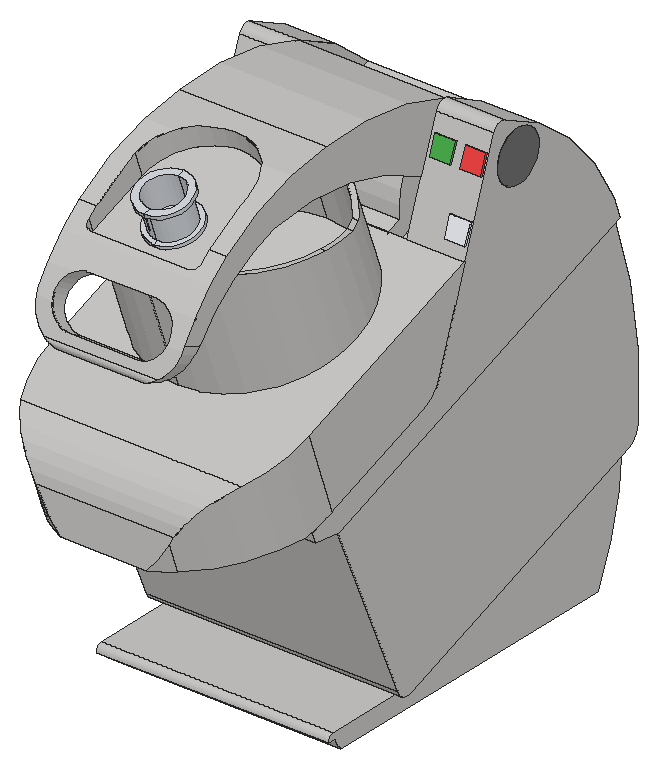
Revit family "QF_ELECTROLUXPROFESSIONAL_600472_TRSYVV", category Specialty Equipment, Revit 2018
Family settings
  Round Connector Dimension = Use Diameter
  Part Type = Normal
  Work Plane-Based = No
  Always vertical = Yes
  Cut with Voids When Loaded = No
  Shared = No
  Room Calculation Point = No
Parameters (values of type "QF_ELECTROLUX_600472_TRSYVV")
  Weight = 21.40 kg
  Watts = 0 W
  Volts = 220 V
  URL Manufacturer = "http://professional.electrolux.com"
  URL = "http://professional.electrolux.com"
  Steam Supply Size = 0 mm
  Steam Supply Minimum Pressure = 0.0 Pa
  Steam Supply Maximum Pressure = 0.0 Pa
  Steam Pounds per Hour = 0
  Refrigeration Suction Line Size = 0 mm
  Refrigeration Liquid Line Size = 0 mm
  Refrigerant Compressor Remote = yes
  Manufacturer = "Electrolux"
  Phase = 1
  Model = "TRSYVV"
  Length Actual = 252 mm  # constant formula
  Item Number = "600472"
  Hot Water Size = 0 mm
  Height Actual = 515 mm  # constant formula
  HP = "0.7 HP"
  Gas Size = 0 mm
  Gas KW = 0
  Gas Input Pressure = 0 W
  Direct Waste Size = 0 mm
  Description = "VEGETABLE SLICER-VARIAB.SPEED-500W-220-240/1/50-60"
  Depth Actual = 500 mm  # constant formula
  Cycle = 60 Hz
  Condensate Return Size = 0 mm
  Compressed Air Volume = 0.0 L/s
  Compressed Air Size = 0 mm
  Compressed Air Pressure = 0.0 Pa
  Cold Water Size = 0 mm
  Accessory = yes
Reference planes
  plane 1 "Center (Front/Back)": y = 0
  plane 2: z = 0
  plane 3 "Center (Left/Right)": x = 0
  plane 4 "BASE": through (-1506.947, -1354.442, -482.669) normal (0, -0.342, 0.9397)
  plane 5 "TOP": z = 780
  plane 6 "FRONT": y = -250
  plane 7 "BACK": y = 250
  plane 8 "LEFT": x = -126
  plane 9 "RIGHT": x = 126
  plane 10 "BaseSup": through (4267.2, -355.454, 143.983) normal (0, -0.342, 0.9397)
  plane 11 "TopCylinder": z = 502
  plane 12 "panel": through (4267.2, 37.396, 376.789) normal (0, -0.9397, 0.342)
  plane 13 "TAN1": through (4267.2, -242.8, 386.84) normal (0, -0.868, 0.4965)
  plane 14 "cx": x = -4.392
Forms (mm)
  Extrusion 1, solid, material "QF_Finishes_Stainless Steel"
    sketch origin (0, 71.755, 29.173) x (0, 0.939693, 0.34202) y (0, -0.34202, 0.939693)
      loop
        line (194.125, 30) -> (-100, 30) -> (-172.671, 56.45)
        arc (-172.671, 56.45) -> (-177.706, 56.23) -> (-181.11, 52.515) r 6.584
        line (-181.11, 52.515) -> (-172.825, 49.499)
        arc (-172.825, 49.499) -> (-173.282, 42.917) -> (-170.601, 36.887) r 13.662
        line (-170.601, 36.887) -> (125.402, -70.849)
        arc (125.402, -70.849) -> (140.415, -55.659) -> (154.125, -39.282) r 258.806
        arc (154.125, -39.282) -> (176.416, -5.964) -> (194.125, 30) r 303.676
    from -114.1 to 114.1
  Extrusion 2, solid, material "QF_Finishes_Stainless Steel"
    sketch origin (0, 71.755, 29.173) x (0, 0.939693, 0.34202) y (0, -0.34202, 0.939693)
      loop
        arc (-117.754, 231.836) -> (-115.421, 136.806) -> (-106.378, 42.177) r 1344.145
        arc (-106.378, 42.177) -> (-102.811, 33.567) -> (-94.2, 30) r 12.177
        line (-94.2, 30) -> (191.415, 30)
        arc (191.415, 30) -> (200.799, 34.052) -> (207.001, 42.177) r 20.212
        arc (207.001, 42.177) -> (237.263, 134.79) -> (245.906, 231.836) r 430.148
        line (245.906, 231.836) -> (-117.754, 231.836)
    from -123.6 to 123.2
  Extrusion 3, solid, material "QF_Finishes_Stainless Steel"
    sketch origin (0, 71.755, 29.173) x (0, 0.939693, 0.34202) y (0, -0.34202, 0.939693)
      loop
        line (-117.754, 231.836) -> (250, 231.836) -> (250, 254)
        arc (250, 254) -> (225.127, 344.7) -> (167.861, 419.303) r 244.524
        arc (167.861, 419.303) -> (160.498, 421.774) -> (153.587, 418.23) r 10
        line (153.587, 418.23) -> (25.432, 265.5)
        arc (25.432, 265.5) -> (14.376, 257.016) -> (0.77, 254) r 32.194
        line (0.77, 254) -> (-142.678, 254) -> (-142.678, 244) -> (-117.754, 231.836)
    from -125 to 125
  Extrusion 4, void
    sketch origin (0, 71.755, 29.173) x (0, 0.939693, 0.34202) y (0, -0.34202, 0.939693)
      loop
        line (146.605, 338.403) -> (228.145, 338.403)
        arc (228.145, 338.403) -> (202.221, 381.996) -> (167.861, 419.303) r 244.524
        arc (167.861, 419.303) -> (160.498, 421.774) -> (153.587, 418.23) r 10
        line (153.587, 418.23) -> (72.34, 321.403) -> (146.605, 321.403) -> (146.605, 338.403)
    from -76.755 to 68.071
  Extrusion 5, solid, material "QF_Finishes_Stainless Steel"
    sketch origin (0, 71.755, 29.173) x (0, 0.939693, 0.34202) y (0, -0.34202, 0.939693)
      loop
        line (86.605, 338.403) -> (69.605, 321.403) -> (146.605, 321.403) -> (146.605, 338.403) -> (138.179, 338.403) -> (138.179, 369.367)
        arc (138.179, 369.367) -> (147.784, 373.474) -> (158.149, 372.174) r 19.987
        arc (158.149, 372.174) -> (156.791, 382.001) -> (162.888, 389.826) r 12.748
        arc (162.888, 389.826) -> (123.302, 374.774) -> (101.605, 338.403) r 64.447
        line (101.605, 338.403) -> (86.605, 338.403)
    from -65 to 50
  Extrusion 6, solid, material "QF_Finishes_Stainless Steel"
    sketch origin (539, 71.755, 29.173) x (0, -0.939693, -0.34202) y (0, -0.34202, 0.939693)
      loop
        circle (-169.102, 378.696) r 12.748
    from 489 to 604
  Extrusion 7, solid, material "QF_Finishes_Rubber Black"
    sketch origin (0, 71.755, 29.173) x (0, 0.939693, 0.34202) y (0, -0.34202, 0.939693)
      loop
        circle (169.102, 378.696) r 25
    from 125 to 126.6
  Extrusion 8, solid, material "QF_Finishes_Green"
    sketch origin (-10, -113.728, -38.42) x (0, -0.34202, -0.939693) y (1, 0, 0)
      loop
        line (-529.862, 82.865) -> (-509.862, 82.865) -> (-509.862, 102.865) -> (-529.862, 102.865) -> (-529.862, 82.865)
    from 0 to 1.6
  Extrusion 9, solid, material "QF_Finishes_Red"
    sketch origin (20, -113.728, -38.42) x (0, -0.34202, -0.939693) y (1, 0, 0)
      loop
        line (-529.862, 82.865) -> (-509.862, 82.865) -> (-509.862, 102.865) -> (-529.862, 102.865) -> (-529.862, 82.865)
    from 0 to 1.6
  Extrusion 10, solid, material "QF_Finishes_White"
    sketch origin (19.976, -149.421, -75.636) x (0, -0.34202, -0.939693) y (1, 0, 0)
      loop
        line (-521.192, 82.865) -> (-501.192, 82.865) -> (-501.192, 102.865) -> (-521.192, 102.865) -> (-521.192, 82.865)
    from 0 to 1.6
  Extrusion 11, solid, material "QF_Finishes_Rubber Black"
    sketch origin (-20, -306.935, 99.376) x (0, -1, 0) y (1, 0, 0)
      loop
        circle (-230.144, 103.748) r 10
      loop
        circle (-230.144, -61.252) r 10
    from 9.274 to 3.787
  Extrusion 12, void
    sketch origin (-20.94, 306.731, 139.428) x (-1, 0, 0) y (0, -0.34202, 0.939693)
      loop
        circle (-20.94, 196.093) r 10
    from -1.916 to -26.433
  Extrusion 13, solid, material "QF_Finishes_Stainless Steel"
    sketch origin (-20.94, 306.678, 139.573) x (-1, 0, 0) y (0, -0.34202, 0.939693)
      loop
        circle (-20.94, 195.939) r 9.999
    from -8.514 to -26.433
  Extrusion 14, solid, material "QF_Finishes_Stainless Steel"
    sketch origin (0, -15.119, 267.855) x (0, -0.939693, -0.34202) y (1, 0, 0)
      loop
        line (-86.605, -125) -> (117.754, -125)
        arc (117.754, -125) -> (182.577, -108.838) -> (232.224, -64.135) r 138.076
        arc (232.224, -64.135) -> (246.337, -33.516) -> (250, 0) r 104.824
        arc (250, 0) -> (246.337, 33.516) -> (232.224, 64.135) r 104.824
        arc (232.224, 64.135) -> (182.577, 108.838) -> (117.754, 125) r 138.076
        line (117.754, 125) -> (-86.605, 125) -> (-86.605, -125)
    from 0 to 84.403
  Extrusion 15, void
    sketch origin (0, 71.755, 29.173) x (0, 0.939693, 0.34202) y (0, -0.34202, 0.939693)
      loop
        line (-148.177, 254) -> (-243.49, 272.527) -> (-229.509, 307.133)
        arc (-229.509, 307.133) -> (-211.109, 329.855) -> (-183.149, 338.403) r 50
        line (-183.149, 338.403) -> (-263.395, 338.403) -> (-263.395, 254) -> (-148.177, 254)
      loop
        line (86.605, 338.403) -> (25.432, 265.5)
        arc (25.432, 265.5) -> (14.376, 257.016) -> (0.77, 254) r 32.194
        line (0.77, 254) -> (86.605, 254) -> (86.605, 338.403)
    from -156.555 to 144.79
  Extrusion 16, solid, material "QF_Finishes_Rubber Black"
    sketch origin (-20, -28.598, 99.376) x (0, -1, 0) y (1, 0, 0)
      loop
        circle (-230.144, 103.748) r 10
      loop
        circle (-230.144, -61.252) r 10
    from 9.274 to 3.787
  Extrusion 17, solid, material "QF_Finishes_Stainless Steel"
    sketch origin (0, 0, 0) x (0, 1, 0) y (0, 0, 1)
      loop
        arc (-237.987, 360.286) -> (-193.334, 422.101) -> (-125.907, 457.716) r 167.502
        arc (-125.907, 457.716) -> (-32.614, 457.202) -> (54.785, 424.565) r 266.494
        line (54.785, 424.565) -> (73.036, 474.711)
        arc (73.036, 474.711) -> (77.269, 479.853) -> (83.792, 481.198) r 10
        arc (83.792, 481.198) -> (12.917, 500.705) -> (-60.594, 500.999) r 278.64
        arc (-60.594, 500.999) -> (-125.023, 488.463) -> (-183.511, 458.675) r 236.13
        arc (-183.511, 458.675) -> (-222.818, 420.732) -> (-248.457, 372.49) r 174.407
        arc (-248.457, 372.49) -> (-249.83, 368.135) -> (-247.05, 364.513) r 4.945
        line (-247.05, 364.513) -> (-237.987, 360.286)
    from -76.755 to 68.071
  Extrusion 18, void
    sketch origin (0, -252.846, 369.279) x (0, -0.496521, -0.868025) y (1, 0, 0)
      loop
        line (-13.723, -36.755) -> (-13.723, 28.071)
        arc (-13.723, 28.071) -> (-38.723, 53.071) -> (-63.723, 28.071) r 25
        line (-63.723, 28.071) -> (-63.723, -36.755)
        arc (-63.723, -36.755) -> (-38.723, -61.755) -> (-13.723, -36.755) r 25
    from -148.493 to 7.125
  Extrusion 19, void
    sketch origin (0, -88.076, 32.057) x (0, -0.34202, -0.939693) y (1, 0, 0)
      loop
        line (-257.162, 68.071) -> (-297.162, 68.071)
        arc (-297.162, 68.071) -> (-268.878, 56.356) -> (-257.162, 28.071) r 40
        line (-257.162, 28.071) -> (-257.162, 68.071)
      loop
        line (-257.162, -76.755) -> (-257.162, -36.755)
        arc (-257.162, -36.755) -> (-268.878, -65.039) -> (-297.162, -76.755) r 40
        line (-297.162, -76.755) -> (-257.162, -76.755)
    from 233.374 to 280.473
  Extrusion 20, void
    sketch origin (0, -73.76, 246.511) x (0, -0.939693, -0.34202) y (1, 0, 0)
      loop
        spline (50.415, 43.499) -> (50.302, 44.538) -> (50.07, 45.551) -> (49.722, 46.523) -> (49.265, 47.436) -> (48.705, 48.278) -> (48.053, 49.034) -> (47.317, 49.692) -> (46.511, 50.241) -> (45.647, 50.674) -> (44.738, 50.981) -> (43.801, 51.16) -> (42.848, 51.221)
        line (42.848, 51.221) -> (-21.826, 51.221)
        arc (-21.826, 51.221) -> (-77.476, -4.429) -> (-21.826, -60.078) r 55.65
        line (-21.826, -60.078) -> (42.849, -60.064)
        spline (42.849, -60.064) -> (43.796, -60.017) -> (44.73, -59.836) -> (45.637, -59.525) -> (46.5, -59.088) -> (47.306, -58.532) -> (48.042, -57.867) -> (48.695, -57.103) -> (49.256, -56.253) -> (49.715, -55.331) -> (50.065, -54.351) -> (50.3, -53.329) -> (50.415, -52.283)
        line (50.415, -52.283) -> (50.415, 43.499)
    from 219.928 to 259.975
  Extrusion 21, void
    sketch origin (0, -87.856, 241.381) x (0, -0.939693, -0.34202) y (1, 0, 0)
      loop
        circle (-4.976, -4.429) r 22.5
    from 184.171 to 259.975
  Extrusion 22, solid, material "QF_Finishes_Stainless Steel"
    sketch origin (0, -57.13, 252.564) x (0, -0.939693, -0.34202) y (1, 0, 0)
      loop
        circle (-27.476, -4.429) r 100
      loop
        circle (-27.476, -4.429) r 95
    from 84.403 to 219.928
  Extrusion 23, void
    sketch origin (539, 0, 0) x (0, -1, 0) y (0, 0, 1)
      loop
        line (-7.229, 448.453) -> (38.883, 431.669) -> (53.883, 431.669) -> (97.232, 435.738) -> (172.232, 435.738) -> (200.5, 434.424) -> (12.562, 502.828) -> (-7.229, 448.453)
    from 424.9 to 664
  Revolve 24, solid
    sketch origin (-4.392, 0, 0) x (0, 1, 0) y (0, 0, 1)
      loop
        line (-159.523, 452.833) -> (-177.266, 446.376) -> (-188.766, 477.973) -> (-195.199, 475.631) -> (-193.959, 472.225) -> (-189.261, 473.935) -> (-179, 445.744) -> (-183.698, 444.034) -> (-182.575, 440.948) -> (-179.543, 442.052) -> (-133.191, 314.7) -> (-112.048, 322.396) -> (-159.523, 452.833)
      axis (-112.048, 322.396) -> (-171.023, 484.431)
    angle from 0 to 360
  Extrusion 25, solid, material "QF_Door-Drawer Clearances", detail levels coarse
    sketch origin (0, -259.129, 728.467) x (0, -0.462376, -0.886684) y (0, 0.886684, -0.462376)
      loop
        arc (-237.987, 360.286) -> (-193.334, 422.101) -> (-125.907, 457.716) r 167.502
        arc (-125.907, 457.716) -> (-32.614, 457.202) -> (54.785, 424.565) r 266.494
        line (54.785, 424.565) -> (59.562, 427.056)
        arc (59.562, 427.056) -> (59.025, 458.234) -> (62.46, 489.226) r 244.524
        arc (62.46, 489.226) -> (1.594, 502.023) -> (-60.594, 500.999) r 278.64
        arc (-60.594, 500.999) -> (-125.023, 488.463) -> (-183.511, 458.675) r 236.13
        arc (-183.511, 458.675) -> (-222.818, 420.732) -> (-248.457, 372.49) r 174.407
        arc (-248.457, 372.49) -> (-249.83, 368.135) -> (-247.05, 364.513) r 4.945
        line (-247.05, 364.513) -> (-237.987, 360.286)
    from -76.755 to 68.071
  Extrusion 26, solid, material "QF_Door-Drawer Clearances", detail levels coarse
    sketch origin (-4.392, 0, 0) x (0, 1, 0) y (0, 0, 1)
      loop
        arc (180.062, 780.324) -> (-149.234, 694.151) -> (-249.905, 368.994) r 350.321
        line (-249.905, 368.994) -> (-246.546, 377.767)
        arc (-246.546, 377.767) -> (-144.345, 691.9) -> (174.993, 776.44) r 345.321
        line (174.993, 776.44) -> (180.062, 780.324)
    from -60 to 60
Cuts and joins
  Extrusion 4, Extrusion 19, Extrusion 20, Extrusion 21 cuts Extrusion 3
  Extrusion 15, Extrusion 19, Extrusion 20, Extrusion 21 cuts Extrusion 14
  Extrusion 18, Extrusion 19, Extrusion 20, Extrusion 21 cuts Extrusion 17
  Extrusion 12, Extrusion 20, Extrusion 21 cuts Extrusion 2
  Extrusion 23 cuts Extrusion 22
Lines and regions (mm)
  model lines
    curve 1: line (-65, 80.335, 302.597) -> (50, 80.335, 302.597)
    curve 2: line (-65, 83.13, 303.615) -> (50, 83.13, 303.615)
Dimensions and locks
  plane 5 "TOP" to level = 780 mm
  plane 8 "LEFT" to plane 3 "Center (Left/Right)" to plane 9 "RIGHT" = 126 mm, 126 mm
  plane 7 "BACK" to plane 1 "Center (Front/Back)" to plane 6 "FRONT" = 250 mm, 250 mm
  plane 5 "TOP" to plane 2 = 780 mm
  plane 5 "TOP" to plane 11 "TopCylinder" = 278 mm
  plane 6 "FRONT" to plane 7 "BACK" = 500 mm
  plane 7 "BACK" to plane 6 "FRONT" = 500 mm
  plane 11 "TopCylinder" to level = 502 mm
  aligned and locked: level to plane 2
Connectors
  electrical at (0, 231.662, 320.783), driven by "Volts"
    settings: on Extrusion 13, index 1, voltage 220 V, apparent load 0 VA, apparent load phase1 0 VA, apparent load phase2 0 VA, apparent load phase3 0 VA, power factor 1, load classification "Other", number of poles 1, system type 30, power factor state 1, is connector primary yes, connector utility no, sub classification motor no, connector description "Electrical Connection"
